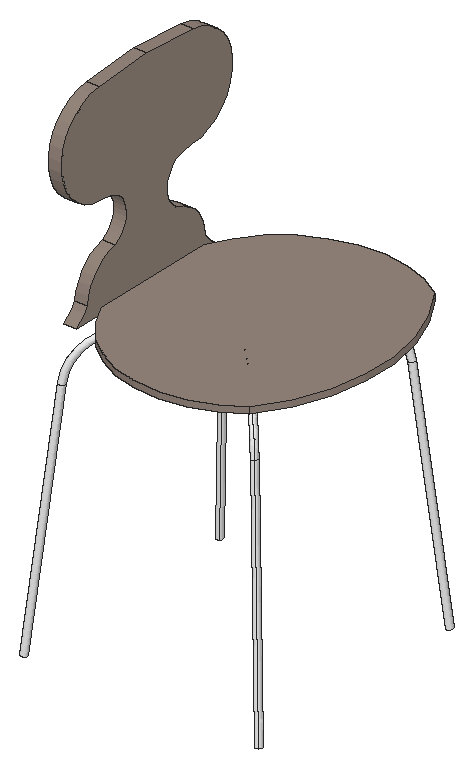
Revit family "Chair 3", category Furniture, Revit 2024
Family settings
  Work Plane-Based = No
  Enable Cutting in Views = No
  Always vertical = Yes
  Cut with Voids When Loaded = No
  Render Appearance Source = Family Geometry
  Shared = No
  Room Calculation Point = No
Parameters
  Keynote = "12600"
  Manufacturer = ""
  Default Elevation = 0 mm
  Bracket Material = Herman Miller - Finish 47 Trivalent Chrome
  Model = ""
  Cushion/Chair Back Material = Herman Miller - Veneer Z5 Maple
Reference planes
  plane 1 "Center F/B": y = -198.997
  plane 2: z = 0
  plane 3 "Center L/R": x = -1.022
Forms (mm)
  Sweep 1, solid, material "Herman Miller - Finish 47 Trivalent Chrome" <- "Bracket Material"
    path origin (61.052, -65.204, 45) x (0, 0, -1) y (0.707107, -0.707107, 0)
      loop
        line (45, -82.843) -> (-332.364, -36.508)
        arc (-332.364, -36.508) -> (-382.531, -10.114) -> (-402.615, 42.895) r 80
        line (-402.615, 42.895) -> (-402.615, 181.322)
    profile origin (18.855, -23.007, 188.682) x (-0.701836, 0.701836, 0.121869) y (-0.707107, -0.707107, 0)
      loop
        circle (0, 0) r 5
  Sweep 2, solid, material "Herman Miller - Finish 47 Trivalent Chrome" <- "Bracket Material"
    path origin (57.516, -325.168, 45) x (0, 0, -1) y (0.707107, 0.707107, 0)
      loop
        line (45, -82.843) -> (-332.364, -36.508)
        arc (-332.364, -36.508) -> (-382.531, -10.114) -> (-402.615, 42.895) r 80
        line (-402.615, 42.895) -> (-402.615, 181.322)
    profile origin (15.319, -367.364, 188.682) x (-0.701836, -0.701836, 0.121869) y (0.707107, -0.707107, 0)
      loop
        circle (0, 0) r 5
  Sweep 3, solid, material "Herman Miller - Finish 47 Trivalent Chrome" <- "Bracket Material"
    path origin (303.338, -65.204, 45) x (0, 0, -1) y (0.707107, 0.707107, 0)
      loop
        line (45, 82.843) -> (-332.364, 36.508)
        arc (-332.364, 36.508) -> (-382.531, 10.114) -> (-402.615, -42.895) r 80
        line (-402.615, -42.895) -> (-402.615, -181.322)
    profile origin (345.535, -23.007, 188.682) x (0.701836, 0.701836, 0.121869) y (-0.707107, 0.707107, 0)
      loop
        circle (0, 0) r 5
  Sweep 4, solid, material "Herman Miller - Finish 47 Trivalent Chrome" <- "Bracket Material"
    path origin (306.873, -325.168, 45) x (0, 0, -1) y (0.707107, -0.707107, 0)
      loop
        line (45, 82.843) -> (-332.364, 36.508)
        arc (-332.364, 36.508) -> (-382.531, 10.114) -> (-402.615, -42.895) r 80
        line (-402.615, -42.895) -> (-402.615, -181.322)
    profile origin (349.07, -367.364, 188.682) x (0.701836, -0.701836, 0.121869) y (0.707107, 0.707107, 0)
      loop
        circle (0, 0) r 5
  Extrusion 5, solid, material "Herman Miller - Veneer Z5 Maple" <- "Cushion/Chair Back Material"
    sketch origin (0, 0, 0) x (1, 0, 0) y (0, 1, 0)
      loop
        arc (340, -9.099) -> (152.776, 17.913) -> (32.728, -128.274) r 192.616
        line (32.728, -128.274) -> (32.728, -249.923)
        arc (32.728, -249.923) -> (152.776, -396.11) -> (340, -369.099) r 192.616
        arc (340, -369.099) -> (400.673, -189.099) -> (340, -9.099) r 297.34
    from 450 to 460
  Extrusion 6, solid, material "Herman Miller - Veneer Z5 Maple" <- "Cushion/Chair Back Material"
    sketch origin (390, -409.099, -27.081) x (0, 0, -1) y (0, 1, 0)
      loop
        arc (-498.809, 95.839) -> (-486.21, 86.065) -> (-477.081, 72.99) r 53.087
        line (-477.081, 72.99) -> (-477.081, 347.212)
        arc (-477.081, 347.212) -> (-486.21, 334.138) -> (-498.809, 324.364) r 53.087
        arc (-498.809, 324.364) -> (-539.073, 308.301) -> (-561.143, 270.989) r 67.175
        arc (-561.143, 270.989) -> (-601.737, 249.17) -> (-634.197, 281.887) r 38.521
        line (-634.197, 281.887) -> (-636.604, 298.938)
        arc (-636.604, 298.938) -> (-714.694, 376.726) -> (-796.127, 302.444) r 79.872
        line (-796.127, 302.444) -> (-802.584, 210.101) -> (-796.127, 117.759)
        arc (-796.127, 117.759) -> (-714.694, 43.477) -> (-636.604, 121.265) r 79.872
        line (-636.604, 121.265) -> (-634.197, 138.316)
        arc (-634.197, 138.316) -> (-601.737, 171.033) -> (-561.143, 149.213) r 38.521
        arc (-561.143, 149.213) -> (-539.073, 111.901) -> (-498.809, 95.839) r 67.175
    from -367.272 to -347.272
Dimensions and locks
  aligned and locked: plane 1 "Center F/B" to Extrusion 6
